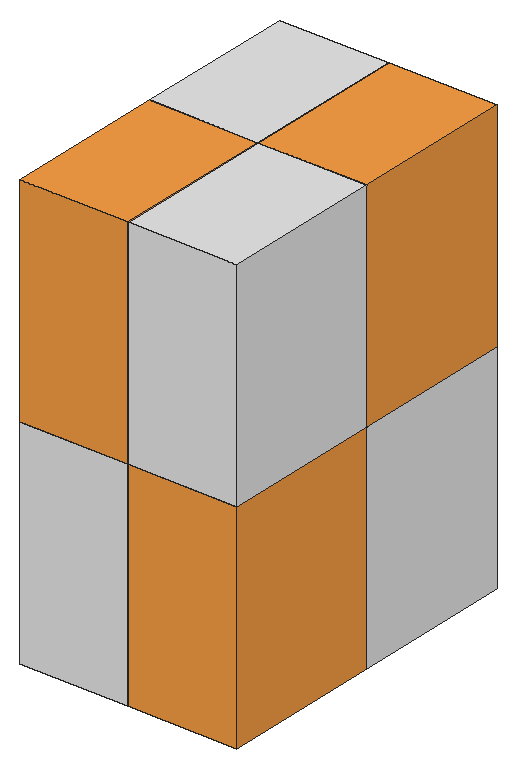
Revit family "DBU_GM_UN_Opening-SymbolicRectangular_gen_BERSnl", category Generic Models, Revit 2022
Family settings
  Can host rebar = No
  Round Connector Dimension = Use Diameter
  Part Type = Normal
  Work Plane-Based = No
  Always vertical = No
  Cut with Voids When Loaded = No
  Maintain Annotation Orientation = No
  Shared = No
  Room Calculation Point = No
Parameters (values of type "Wall")
  Wall = yes
  ViewCutPlane [instance] = 1500 mm
  Response [instance] = if(DBU_OpeningStatus = 0, "Request", if(DBU_OpeningStatus = 1, "Declined", if(DBU_OpeningStatus = 2, "Approved", if(DBU_OpeningStatus = 3, "Approved Drilling", if(DBU_OpeningStatus = 4, "On Hold", if(DBU_OpeningStatus = 5, "Executed", "Invalid"))))))  # "Request"
  Request [instance] = DBU_OpeningStatus = 0  # yes
  On Hold [instance] = DBU_OpeningStatus = 3  # no
  Not Drilling [instance] = yes
  Floor = not(Wall)  # no
  Execution Type [instance] = if(Not Drilling, "Not Drilling", "Drilling")  # "Not Drilling"
  Executed [instance] = DBU_OpeningStatus = 4  # no
  Drilling [instance] = not(Not Drilling)  # no
  Default Elevation = 0 mm
  Declined [instance] = DBU_OpeningStatus = 1  # no
  DBU_OpeningStatus [instance] = 0
  DBU_CTE_Zone [instance] = ""
  DBU_CTE_Z Value - Top [instance] = ""
  DBU_CTE_Z Value - Center [instance] = ""
  DBU_CTE_Z Coordinate Value [instance] = ""
  DBU_CTE_Opening Host Link [instance] = ""
  DBU_CTE_Opening Host Element [instance] = ""
  DBU_CTE_Opening Host Category [instance] = ""
  DBU_CTE_Level [instance] = ""
  DBU_CTE_ID [instance] = ""
  DBU_CTE_Discipline [instance] = ""
  DBU_CTE_Classificatie [instance] = ""
  DBU_CTE_BuildingPart [instance] = ""
  DBU_CLE_Width [instance] = 400 mm
  DBU_CLE_Height [instance] = 800 mm
  DBU_CLE_Depth [instance] = 600 mm
  Approved [instance] = DBU_OpeningStatus = 2  # no
Types (2, lengths in mm): name | Wall | Floor | DBU_CLE_Width | DBU_CLE_Height | DBU_CLE_Depth
  Floor | no | yes | 200 | 500 | 300
  Wall | yes | no | 400 | 800 | 600
Reference planes
  plane 1 "Center (Front/Back)": y = 0
  plane 2: z = 0
  plane 3 "Center (Left/Right)": x = 0
  plane 4: z = -400
  plane 5: z = -800
  plane 6: z = 1500
  plane 7: z = -2300
  plane 8: z = 1500
  plane 9: z = -2100
  plane 10: z = -600
Lines and regions (mm)
  model lines, style "InvisibleLines", visible <- "Wall"
    curve 1: line (0, 0, -2300) -> (0, 0, 1500)
  model lines, style "InvisibleLines", visible <- "Floor"
    curve 2: line (0, 0, -2100) -> (0, 0, 1500)
Dimensions and locks
  "DBU_CLE_Height": level to plane 5
  equal spacing: level, plane 4, plane 5
  "ViewCutPlane": plane 6 to level
  "ViewCutPlane": plane 5 to plane 7
  "ViewCutPlane": plane 8 to level
  "DBU_CLE_Depth": level to plane 10
  "ViewCutPlane": plane 10 to plane 9
  aligned and locked: level to plane 2
  aligned and locked: curve 1 to plane 1 "Center (Front/Back)"
  aligned and locked: nested 2 to plane 3 "Center (Left/Right)"
  aligned and locked: plane 3 "Center (Left/Right)" to nested 3
  aligned and locked: nested 3 to plane 1 "Center (Front/Back)"
  aligned and locked: plane 1 "Center (Front/Back)" to nested 7
  aligned and locked: plane 3 "Center (Left/Right)" to nested 7
  aligned and locked: nested 8 to plane 4
  aligned and locked: nested 8 to plane 3 "Center (Left/Right)"
  aligned and locked: plane 6 to curve 1
  aligned and locked: plane 7 to curve 1
  aligned and locked: plane 8 to curve 2
  aligned and locked: plane 9 to curve 2
  aligned and locked: curve 2 to plane 3 "Center (Left/Right)"
Automatic sketch dimensions
  curve 1 to plane 3 "Center (Left/Right)" = 0 mm
Nested families
  nested 1: "DBU_OpeningRectangular-Wall" at (0, 0, 0), Depth <- "DBU_CLE_Depth", Height <- "DBU_CLE_Height", Width <- "DBU_CLE_Width", visible <- "Wall", ConstructorStatus <- "DBU_OpeningStatus", type "Wall"
    with Width 400 mm, Request yes, RecessNeutral Color RGB 230-230-230, RecessDisplayMaterial none, OnHold no, Height 800 mm, Executed no, Depth 600 mm, Declined no, ConstructorStatus 0, Approved no
  nested 2: "DBU_OpeningRectangular-Floor" at (0, 0, 0), Depth <- "DBU_CLE_Depth", Height <- "DBU_CLE_Height", Width <- "DBU_CLE_Width", visible <- "Floor", ConstructorStatus <- "DBU_OpeningStatus", type "Floor"
    with Width 400 mm, Request yes, RecessNeutral Color RGB 230-230-230, RecessDisplayMaterial none, OnHold no, Height 800 mm, Executed no, Depth 600 mm, Declined no, ConstructorStatus 0, Approved no
  nested 3: "DBU_00_DI_WB_Opening Detail_gen_BERSnl" at (0, 0, 0) x (0, 1, 0) z (0, 0, 1), Length <- "DBU_CLE_Depth", Width <- "DBU_CLE_Width", visible <- "Wall", type "DBU_00_DI_WB_Opening Detail_gen_BERSnl"
    with Width 400 mm, Length 600 mm
  nested 4: "DBU_00_DI_WB_Opening Detail_gen_BERSnl" at (0, 0, -400) x (0, 1, 0) z (1, 0, 0), Length <- "DBU_CLE_Depth", Width <- "DBU_CLE_Height", visible <- "Wall", type "DBU_00_DI_WB_Opening Detail_gen_BERSnl"
    with Width 800 mm, Length 600 mm
  nested 5: "DBU_00_DI_WB_Opening Detail_gen_BERSnl" at (0, 0, -300) x (0, 1, 0) z (1, 0, 0), Length <- "DBU_CLE_Height", Width <- "DBU_CLE_Depth", visible <- "Floor", type "DBU_00_DI_WB_Opening Detail_gen_BERSnl"
    with Width 600 mm, Length 800 mm
  nested 6: "DBU_00_DI_WB_Opening Detail_gen_BERSnl" at (0, 0, -300) x (1, 0, 0) z (0, -1, 0), visible <- "Floor", Length <- "DBU_CLE_Width", Width <- "DBU_CLE_Depth", type "DBU_00_DI_WB_Opening Detail_gen_BERSnl"
    with Width 600 mm, Length 400 mm
  nested 7: "DBU_00_DI_WB_Opening Detail_gen_BERSnl" at (0, 0, 0), visible <- "Floor", Length <- "DBU_CLE_Width", Width <- "DBU_CLE_Height", type "DBU_00_DI_WB_Opening Detail_gen_BERSnl"
    with Width 800 mm, Length 400 mm
  nested 8: "DBU_00_DI_WB_Opening Detail_gen_BERSnl" at (0, 0, -400) x (1, 0, 0) z (0, -1, 0), Length <- "DBU_CLE_Width", Width <- "DBU_CLE_Height", visible <- "Wall", type "DBU_00_DI_WB_Opening Detail_gen_BERSnl"
    with Width 800 mm, Length 400 mm
Definition of nested family "DBU_OpeningRectangular-Wall"
  Parameters (values of type "Wall")
    Width [instance] = 1915.454 mm
    Request [instance] = not(or(Declined, Approved, OnHold, Executed))  # yes
    RecessNeutral [instance] = none
    RecessDisplayMaterial [instance] = none
    OnHold [instance] = ConstructorStatus = 3  # no
    Height [instance] = 304.8 mm
    Executed [instance] = ConstructorStatus = 4  # no
    Depth [instance] = 1954.727 mm
    Default Elevation = 1219.2 mm
    Declined [instance] = ConstructorStatus = 1  # no
    ConstructorStatus [instance] = 0
    Approved [instance] = ConstructorStatus = 2  # no
  Reference planes
    plane 1 "Center (Front/Back)": y = 0
    plane 2: z = 0
    plane 3 "Center (Left/Right)": x = 0
    plane 4: y = 977.363
    plane 5: x = 957.727
    plane 6: y = -977.363
    plane 7: x = -957.727
    plane 8: z = -304.8
    plane 9: z = -152.4
  Forms (mm)
    Extrusion 1, solid, material <- "RecessNeutral"
      sketch origin (0, 0, 0) x (1, 0, 0) y (0, 1, 0)
        loop
          line (-957.727, 0) -> (-957.727, -977.363) -> (0, -977.363) -> (0, 0) -> (-957.727, 0)
      from -304.8 to -152.4
    Extrusion 2, solid, visible <- "Request"
      sketch origin (0, 0, 0) x (1, 0, 0) y (0, 1, 0)
        loop
          line (0, 0) -> (0, -977.363) -> (957.727, -977.363) -> (957.727, 0) -> (0, 0)
      from -304.8 to -152.4
    Extrusion 3, solid, visible <- "Request"
      sketch origin (0, 0, 0) x (1, 0, 0) y (0, 1, 0)
        loop
          line (-957.727, 0) -> (-957.727, -977.363) -> (0, -977.363) -> (0, 0) -> (-957.727, 0)
      from -152.4 to 0
    Extrusion 4, solid, material <- "RecessNeutral"
      sketch origin (0, 0, 0) x (1, 0, 0) y (0, 1, 0)
        loop
          line (0, 0) -> (0, -977.363) -> (957.727, -977.363) -> (957.727, 0) -> (0, 0)
      from -152.4 to 0
    Extrusion 5, solid, visible <- "Request"
      sketch origin (0, 0, 0) x (1, 0, 0) y (0, 1, 0)
        loop
          line (-957.727, 977.363) -> (-957.727, 0) -> (0, 0) -> (0, 977.363) -> (-957.727, 977.363)
      from -304.8 to -152.4
    Extrusion 6, solid, material <- "RecessNeutral"
      sketch origin (0, 0, 0) x (1, 0, 0) y (0, 1, 0)
        loop
          line (0, 977.363) -> (0, 0) -> (957.727, 0) -> (957.727, 977.363) -> (0, 977.363)
      from -304.8 to -152.4
    Extrusion 7, solid, material <- "RecessNeutral"
      sketch origin (0, 0, 0) x (1, 0, 0) y (0, 1, 0)
        loop
          line (-957.727, 977.363) -> (-957.727, 0) -> (0, 0) -> (0, 977.363) -> (-957.727, 977.363)
      from -152.4 to 0
    Extrusion 8, solid, visible <- "Request"
      sketch origin (0, 0, 0) x (1, 0, 0) y (0, 1, 0)
        loop
          line (0, 977.363) -> (0, 0) -> (957.727, 0) -> (957.727, 977.363) -> (0, 977.363)
      from -152.4 to 0
    Extrusion 9, solid, visible <- "Declined"
      sketch origin (0, 0, 0) x (1, 0, 0) y (0, 1, 0)
        loop
          line (0, 0) -> (0, -977.363) -> (957.727, -977.363) -> (957.727, 0) -> (0, 0)
      from -304.8 to -152.4
    Extrusion 10, solid, visible <- "Declined"
      sketch origin (0, 0, 0) x (1, 0, 0) y (0, 1, 0)
        loop
          line (-957.727, 0) -> (-957.727, -977.363) -> (0, -977.363) -> (0, 0) -> (-957.727, 0)
      from -152.4 to 0
    Extrusion 11, solid, visible <- "Declined"
      sketch origin (0, 0, 0) x (1, 0, 0) y (0, 1, 0)
        loop
          line (-957.727, 977.363) -> (-957.727, 0) -> (0, 0) -> (0, 977.363) -> (-957.727, 977.363)
      from -304.8 to -152.4
    Extrusion 12, solid, visible <- "Declined"
      sketch origin (0, 0, 0) x (1, 0, 0) y (0, 1, 0)
        loop
          line (0, 977.363) -> (0, 0) -> (957.727, 0) -> (957.727, 977.363) -> (0, 977.363)
      from -152.4 to 0
    Extrusion 13, solid, visible <- "Approved"
      sketch origin (0, 0, 0) x (1, 0, 0) y (0, 1, 0)
        loop
          line (-957.727, 0) -> (-957.727, -977.363) -> (0, -977.363) -> (0, 0) -> (-957.727, 0)
      from -152.4 to 0
    Extrusion 14, solid, visible <- "Approved"
      sketch origin (0, 0, 0) x (1, 0, 0) y (0, 1, 0)
        loop
          line (0, 977.363) -> (0, 0) -> (957.727, 0) -> (957.727, 977.363) -> (0, 977.363)
      from -152.4 to 0
    Extrusion 15, solid, visible <- "Approved"
      sketch origin (0, 0, 0) x (1, 0, 0) y (0, 1, 0)
        loop
          line (0, 0) -> (0, -977.363) -> (957.727, -977.363) -> (957.727, 0) -> (0, 0)
      from -304.8 to -152.4
    Extrusion 16, solid, visible <- "Approved"
      sketch origin (0, 0, 0) x (1, 0, 0) y (0, 1, 0)
        loop
          line (-957.727, 977.363) -> (-957.727, 0) -> (0, 0) -> (0, 977.363) -> (-957.727, 977.363)
      from -304.8 to -152.4
    Extrusion 17, solid, visible <- "OnHold"
      sketch origin (0, 0, 0) x (1, 0, 0) y (0, 1, 0)
        loop
          line (-957.727, 0) -> (-957.727, -977.363) -> (0, -977.363) -> (0, 0) -> (-957.727, 0)
      from -152.4 to 0
    Extrusion 18, solid, visible <- "OnHold"
      sketch origin (0, 0, 0) x (1, 0, 0) y (0, 1, 0)
        loop
          line (0, 977.363) -> (0, 0) -> (957.727, 0) -> (957.727, 977.363) -> (0, 977.363)
      from -152.4 to 0
    Extrusion 19, solid, visible <- "OnHold"
      sketch origin (0, 0, 0) x (1, 0, 0) y (0, 1, 0)
        loop
          line (0, 0) -> (0, -977.363) -> (957.727, -977.363) -> (957.727, 0) -> (0, 0)
      from -304.8 to -152.4
    Extrusion 20, solid, visible <- "OnHold"
      sketch origin (0, 0, 0) x (1, 0, 0) y (0, 1, 0)
        loop
          line (-957.727, 977.363) -> (-957.727, 0) -> (0, 0) -> (0, 977.363) -> (-957.727, 977.363)
      from -304.8 to -152.4
    Extrusion 21, solid, visible <- "Executed"
      sketch origin (0, 0, 0) x (1, 0, 0) y (0, 1, 0)
        loop
          line (-957.727, 0) -> (-957.727, -977.363) -> (0, -977.363) -> (0, 0) -> (-957.727, 0)
      from -152.4 to 0
    Extrusion 22, solid, visible <- "Executed"
      sketch origin (0, 0, 0) x (1, 0, 0) y (0, 1, 0)
        loop
          line (0, 977.363) -> (0, 0) -> (957.727, 0) -> (957.727, 977.363) -> (0, 977.363)
      from -152.4 to 0
    Extrusion 23, solid, visible <- "Executed"
      sketch origin (0, 0, 0) x (1, 0, 0) y (0, 1, 0)
        loop
          line (0, 0) -> (0, -977.363) -> (957.727, -977.363) -> (957.727, 0) -> (0, 0)
      from -304.8 to -152.4
    Extrusion 24, solid, visible <- "Executed"
      sketch origin (0, 0, 0) x (1, 0, 0) y (0, 1, 0)
        loop
          line (-957.727, 977.363) -> (-957.727, 0) -> (0, 0) -> (0, 977.363) -> (-957.727, 977.363)
      from -304.8 to -152.4
  Dimensions and locks
    equal spacing: plane 7, plane 3 "Center (Left/Right)", plane 5
    "Width": plane 7 to plane 5
    equal spacing: plane 4, plane 1 "Center (Front/Back)", plane 6
    "Depth": plane 6 to plane 4
    "Height": level to plane 8
    equal spacing: level, plane 9, plane 8
    aligned and locked: level to plane 2
    aligned and locked: Extrusion 1 sketch curve to plane 7
    aligned and locked: Extrusion 1 sketch curve to plane 3 "Center (Left/Right)"
    aligned and locked: Extrusion 1 sketch curve to plane 6
    aligned and locked: Extrusion 1 to plane 8
    aligned and locked: plane 9 to Extrusion 1
    aligned and locked: plane 3 "Center (Left/Right)" to Extrusion 2 sketch curve
    aligned and locked: Extrusion 2 sketch curve to plane 6
    aligned and locked: Extrusion 2 sketch curve to plane 5
    aligned and locked: Extrusion 2 to plane 8
    aligned and locked: plane 9 to Extrusion 2
    aligned and locked: Extrusion 3 sketch curve to plane 7
    aligned and locked: Extrusion 3 sketch curve to plane 6
    aligned and locked: Extrusion 3 sketch curve to plane 3 "Center (Left/Right)"
    aligned and locked: Extrusion 3 to plane 9
    aligned and locked: level to Extrusion 3
    aligned and locked: plane 3 "Center (Left/Right)" to Extrusion 4 sketch curve
    aligned and locked: Extrusion 4 sketch curve to plane 6
    aligned and locked: Extrusion 4 sketch curve to plane 5
    aligned and locked: Extrusion 4 to plane 9
    aligned and locked: level to Extrusion 4
    aligned and locked: plane 1 "Center (Front/Back)" to Extrusion 3 sketch curve
    aligned and locked: plane 1 "Center (Front/Back)" to Extrusion 4 sketch curve
    aligned and locked: plane 1 "Center (Front/Back)" to Extrusion 2 sketch curve
    aligned and locked: plane 1 "Center (Front/Back)" to Extrusion 1 sketch curve
    aligned and locked: Extrusion 5 sketch curve to plane 4
    aligned and locked: Extrusion 5 sketch curve to plane 7
    aligned and locked: Extrusion 5 sketch curve to plane 1 "Center (Front/Back)"
    aligned and locked: Extrusion 5 sketch curve to plane 3 "Center (Left/Right)"
    aligned and locked: plane 3 "Center (Left/Right)" to Extrusion 6 sketch curve
    aligned and locked: Extrusion 6 sketch curve to plane 4
    aligned and locked: Extrusion 6 sketch curve to plane 5
    aligned and locked: Extrusion 6 sketch curve to plane 1 "Center (Front/Back)"
    aligned and locked: Extrusion 6 to plane 8
    aligned and locked: plane 9 to Extrusion 6
    aligned and locked: Extrusion 5 to plane 8
    aligned and locked: plane 9 to Extrusion 5
    aligned and locked: Extrusion 7 sketch curve to plane 7
    aligned and locked: Extrusion 7 sketch curve to plane 4
    aligned and locked: Extrusion 7 sketch curve to plane 3 "Center (Left/Right)"
    aligned and locked: Extrusion 7 sketch curve to plane 1 "Center (Front/Back)"
    aligned and locked: plane 3 "Center (Left/Right)" to Extrusion 8 sketch curve
    aligned and locked: Extrusion 8 sketch curve to plane 4
    aligned and locked: Extrusion 8 sketch curve to plane 5
    aligned and locked: Extrusion 8 sketch curve to plane 1 "Center (Front/Back)"
    aligned and locked: Extrusion 8 to plane 9
    aligned and locked: level to Extrusion 8
    aligned and locked: Extrusion 7 to plane 9
    aligned and locked: level to Extrusion 7
    aligned and locked: Extrusion 9 sketch curve to plane 5
    aligned and locked: plane 1 "Center (Front/Back)" to Extrusion 9 sketch curve
    aligned and locked: plane 3 "Center (Left/Right)" to Extrusion 9 sketch curve
    aligned and locked: Extrusion 9 sketch curve to plane 6
    aligned and locked: Extrusion 10 sketch curve to plane 7
    aligned and locked: plane 1 "Center (Front/Back)" to Extrusion 10 sketch curve
    aligned and locked: Extrusion 10 sketch curve to plane 3 "Center (Left/Right)"
    aligned and locked: Extrusion 10 sketch curve to plane 6
    aligned and locked: plane 3 "Center (Left/Right)" to Extrusion 12 sketch curve
    aligned and locked: Extrusion 12 sketch curve to plane 1 "Center (Front/Back)"
    aligned and locked: Extrusion 12 sketch curve to plane 5
    aligned and locked: Extrusion 12 sketch curve to plane 4
    aligned and locked: Extrusion 11 sketch curve to plane 7
    aligned and locked: Extrusion 11 sketch curve to plane 4
    aligned and locked: Extrusion 11 sketch curve to plane 3 "Center (Left/Right)"
    aligned and locked: Extrusion 11 sketch curve to plane 1 "Center (Front/Back)"
    aligned and locked: Extrusion 10 to plane 9
    aligned and locked: level to Extrusion 10
    aligned and locked: Extrusion 12 to plane 9
    aligned and locked: plane 8 to Extrusion 2
    aligned and locked: plane 2 to Extrusion 12
    aligned and locked: Extrusion 9 to plane 8
    aligned and locked: plane 9 to Extrusion 11
    aligned and locked: Extrusion 11 to plane 8
    aligned and locked: Extrusion 11 to plane 9  (x3)
    aligned and locked: Extrusion 10 to level  (x2)
    aligned and locked: plane 9 to Extrusion 9
    aligned and locked: plane 9 to Extrusion 10
    aligned and locked: plane 8 to Extrusion 11  (x2)
    aligned and locked: level to Extrusion 12
    aligned and locked: plane 9 to Extrusion 12
    aligned and locked: Extrusion 14 sketch curve to plane 1 "Center (Front/Back)"
    aligned and locked: plane 3 "Center (Left/Right)" to Extrusion 14 sketch curve
    aligned and locked: Extrusion 14 sketch curve to plane 4
    aligned and locked: Extrusion 14 sketch curve to plane 5
    aligned and locked: Extrusion 13 sketch curve to plane 7
    aligned and locked: Extrusion 13 sketch curve to plane 6
    aligned and locked: Extrusion 13 sketch curve to plane 3 "Center (Left/Right)"
    aligned and locked: plane 1 "Center (Front/Back)" to Extrusion 13 sketch curve
    aligned and locked: Extrusion 13 to plane 9
    aligned and locked: level to Extrusion 13
    aligned and locked: plane 9 to Extrusion 16
    aligned and locked: Extrusion 16 to plane 8
    aligned and locked: plane 9 to Extrusion 15
    aligned and locked: Extrusion 15 to plane 8
    aligned and locked: plane 3 "Center (Left/Right)" to Extrusion 15 sketch curve
    aligned and locked: plane 1 "Center (Front/Back)" to Extrusion 15 sketch curve
    aligned and locked: Extrusion 15 sketch curve to plane 5
    aligned and locked: Extrusion 15 sketch curve to plane 6
    aligned and locked: Extrusion 16 sketch curve to plane 7
    aligned and locked: Extrusion 16 sketch curve to plane 4
    aligned and locked: Extrusion 16 sketch curve to plane 3 "Center (Left/Right)"
    aligned and locked: Extrusion 16 sketch curve to plane 1 "Center (Front/Back)"
    aligned and locked: Extrusion 14 to plane 9
    aligned and locked: level to Extrusion 14
    aligned and locked: Extrusion 20 sketch curve to plane 7
    aligned and locked: Extrusion 20 sketch curve to plane 4
    aligned and locked: Extrusion 20 sketch curve to plane 3 "Center (Left/Right)"
    aligned and locked: Extrusion 20 sketch curve to plane 1 "Center (Front/Back)"
    aligned and locked: Extrusion 20 to plane 8
    aligned and locked: plane 9 to Extrusion 20
    aligned and locked: Extrusion 17 sketch curve to plane 7
    aligned and locked: plane 1 "Center (Front/Back)" to Extrusion 17 sketch curve
    aligned and locked: Extrusion 17 sketch curve to plane 3 "Center (Left/Right)"
    aligned and locked: Extrusion 17 sketch curve to plane 6
    aligned and locked: Extrusion 17 to plane 9
    aligned and locked: level to Extrusion 17
    aligned and locked: plane 3 "Center (Left/Right)" to Extrusion 19 sketch curve
    aligned and locked: plane 1 "Center (Front/Back)" to Extrusion 19 sketch curve
    aligned and locked: Extrusion 19 sketch curve to plane 5
    aligned and locked: Extrusion 19 sketch curve to plane 6
    aligned and locked: Extrusion 19 to plane 8
    aligned and locked: plane 9 to Extrusion 19
    aligned and locked: plane 3 "Center (Left/Right)" to Extrusion 18 sketch curve
    aligned and locked: Extrusion 18 sketch curve to plane 4
    aligned and locked: Extrusion 18 sketch curve to plane 5
    aligned and locked: Extrusion 18 sketch curve to plane 1 "Center (Front/Back)"
    aligned and locked: Extrusion 18 to plane 9
    aligned and locked: level to Extrusion 18
    aligned and locked: Extrusion 21 sketch curve to plane 7
    aligned and locked: Extrusion 21 sketch curve to plane 6
    aligned and locked: plane 1 "Center (Front/Back)" to Extrusion 21 sketch curve
    aligned and locked: Extrusion 21 sketch curve to plane 3 "Center (Left/Right)"
    aligned and locked: Extrusion 21 to plane 9
    aligned and locked: level to Extrusion 21
    aligned and locked: plane 3 "Center (Left/Right)" to Extrusion 23 sketch curve
    aligned and locked: Extrusion 23 sketch curve to plane 5
    aligned and locked: Extrusion 23 sketch curve to plane 6
    aligned and locked: plane 1 "Center (Front/Back)" to Extrusion 23 sketch curve
    aligned and locked: plane 9 to Extrusion 23
    aligned and locked: Extrusion 23 to plane 8
    aligned and locked: plane 3 "Center (Left/Right)" to Extrusion 22 sketch curve
    aligned and locked: Extrusion 22 sketch curve to plane 1 "Center (Front/Back)"
    aligned and locked: Extrusion 22 sketch curve to plane 5
    aligned and locked: Extrusion 22 sketch curve to plane 4
    aligned and locked: Extrusion 22 to plane 9
    aligned and locked: level to Extrusion 22
    aligned and locked: Extrusion 24 sketch curve to plane 7
    aligned and locked: Extrusion 24 sketch curve to plane 4
    aligned and locked: Extrusion 24 sketch curve to plane 3 "Center (Left/Right)"
    aligned and locked: Extrusion 24 sketch curve to plane 1 "Center (Front/Back)"
    aligned and locked: plane 9 to Extrusion 24
    aligned and locked: Extrusion 24 to plane 8
Definition of nested family "DBU_OpeningRectangular-Floor"
  Parameters (values of type "Floor")
    Width [instance] = 1915.454 mm
    Request [instance] = not(or(Declined, Approved, OnHold, Executed))  # yes
    RecessNeutral [instance] = none
    RecessDisplayMaterial [instance] = none
    OnHold [instance] = ConstructorStatus = 3  # no
    Height [instance] = 304.8 mm
    Executed [instance] = ConstructorStatus = 4  # no
    Depth [instance] = 1954.727 mm
    Default Elevation = 1219.2 mm
    Declined [instance] = ConstructorStatus = 1  # no
    ConstructorStatus [instance] = 0
    Approved [instance] = ConstructorStatus = 2  # no
  Reference planes
    plane 1 "Center (Front/Back)": y = 0
    plane 2: z = 0
    plane 3 "Center (Left/Right)": x = 0
    plane 4: y = 152.4
    plane 5: x = 957.727
    plane 6: y = -152.4
    plane 7: x = -957.727
    plane 8: z = -1954.727
    plane 9: z = -977.363
  Forms (mm)
    Extrusion 1, solid, material <- "RecessNeutral"
      sketch origin (0, 0, 0) x (1, 0, 0) y (0, 1, 0)
        loop
          line (-957.727, 0) -> (-957.727, -152.4) -> (0, -152.4) -> (0, 0) -> (-957.727, 0)
      from -1954.727 to -977.363
    Extrusion 2, solid, visible <- "Request"
      sketch origin (0, 0, 0) x (1, 0, 0) y (0, 1, 0)
        loop
          line (0, 0) -> (0, -152.4) -> (957.727, -152.4) -> (957.727, 0) -> (0, 0)
      from -1954.727 to -977.363
    Extrusion 3, solid, visible <- "Request"
      sketch origin (0, 0, 0) x (1, 0, 0) y (0, 1, 0)
        loop
          line (-957.727, 0) -> (-957.727, -152.4) -> (0, -152.4) -> (0, 0) -> (-957.727, 0)
      from -977.363 to 0
    Extrusion 4, solid, material <- "RecessNeutral"
      sketch origin (0, 0, 0) x (1, 0, 0) y (0, 1, 0)
        loop
          line (0, 0) -> (0, -152.4) -> (957.727, -152.4) -> (957.727, 0) -> (0, 0)
      from -977.363 to 0
    Extrusion 5, solid, visible <- "Request"
      sketch origin (0, 0, 0) x (1, 0, 0) y (0, 1, 0)
        loop
          line (-957.727, 152.4) -> (-957.727, 0) -> (0, 0) -> (0, 152.4) -> (-957.727, 152.4)
      from -1954.727 to -977.363
    Extrusion 6, solid, material <- "RecessNeutral"
      sketch origin (0, 0, 0) x (1, 0, 0) y (0, 1, 0)
        loop
          line (0, 152.4) -> (0, 0) -> (957.727, 0) -> (957.727, 152.4) -> (0, 152.4)
      from -1954.727 to -977.363
    Extrusion 7, solid, material <- "RecessNeutral"
      sketch origin (0, 0, 0) x (1, 0, 0) y (0, 1, 0)
        loop
          line (-957.727, 152.4) -> (-957.727, 0) -> (0, 0) -> (0, 152.4) -> (-957.727, 152.4)
      from -977.363 to 0
    Extrusion 8, solid, visible <- "Request"
      sketch origin (0, 0, 0) x (1, 0, 0) y (0, 1, 0)
        loop
          line (0, 152.4) -> (0, 0) -> (957.727, 0) -> (957.727, 152.4) -> (0, 152.4)
      from -977.363 to 0
    Extrusion 9, solid, visible <- "Declined"
      sketch origin (0, 0, 0) x (1, 0, 0) y (0, 1, 0)
        loop
          line (0, 0) -> (0, -152.4) -> (957.727, -152.4) -> (957.727, 0) -> (0, 0)
      from -1954.727 to -977.363
    Extrusion 10, solid, visible <- "Declined"
      sketch origin (0, 0, 0) x (1, 0, 0) y (0, 1, 0)
        loop
          line (-957.727, 0) -> (-957.727, -152.4) -> (0, -152.4) -> (0, 0) -> (-957.727, 0)
      from -977.363 to 0
    Extrusion 11, solid, visible <- "Declined"
      sketch origin (0, 0, 0) x (1, 0, 0) y (0, 1, 0)
        loop
          line (-957.727, 152.4) -> (-957.727, 0) -> (0, 0) -> (0, 152.4) -> (-957.727, 152.4)
      from -1954.727 to -977.363
    Extrusion 12, solid, visible <- "Declined"
      sketch origin (0, 0, 0) x (1, 0, 0) y (0, 1, 0)
        loop
          line (0, 152.4) -> (0, 0) -> (957.727, 0) -> (957.727, 152.4) -> (0, 152.4)
      from -977.363 to 0
    Extrusion 13, solid, visible <- "Approved"
      sketch origin (0, 0, 0) x (1, 0, 0) y (0, 1, 0)
        loop
          line (-957.727, 0) -> (-957.727, -152.4) -> (0, -152.4) -> (0, 0) -> (-957.727, 0)
      from -977.363 to 0
    Extrusion 14, solid, visible <- "Approved"
      sketch origin (0, 0, 0) x (1, 0, 0) y (0, 1, 0)
        loop
          line (0, 152.4) -> (0, 0) -> (957.727, 0) -> (957.727, 152.4) -> (0, 152.4)
      from -977.363 to 0
    Extrusion 15, solid, visible <- "Approved"
      sketch origin (0, 0, 0) x (1, 0, 0) y (0, 1, 0)
        loop
          line (0, 0) -> (0, -152.4) -> (957.727, -152.4) -> (957.727, 0) -> (0, 0)
      from -1954.727 to -977.363
    Extrusion 16, solid, visible <- "Approved"
      sketch origin (0, 0, 0) x (1, 0, 0) y (0, 1, 0)
        loop
          line (-957.727, 152.4) -> (-957.727, 0) -> (0, 0) -> (0, 152.4) -> (-957.727, 152.4)
      from -1954.727 to -977.363
    Extrusion 17, solid, visible <- "OnHold"
      sketch origin (0, 0, 0) x (1, 0, 0) y (0, 1, 0)
        loop
          line (-957.727, 0) -> (-957.727, -152.4) -> (0, -152.4) -> (0, 0) -> (-957.727, 0)
      from -977.363 to 0
    Extrusion 18, solid, visible <- "OnHold"
      sketch origin (0, 0, 0) x (1, 0, 0) y (0, 1, 0)
        loop
          line (0, 152.4) -> (0, 0) -> (957.727, 0) -> (957.727, 152.4) -> (0, 152.4)
      from -977.363 to 0
    Extrusion 19, solid, visible <- "OnHold"
      sketch origin (0, 0, 0) x (1, 0, 0) y (0, 1, 0)
        loop
          line (0, 0) -> (0, -152.4) -> (957.727, -152.4) -> (957.727, 0) -> (0, 0)
      from -1954.727 to -977.363
    Extrusion 20, solid, visible <- "OnHold"
      sketch origin (0, 0, 0) x (1, 0, 0) y (0, 1, 0)
        loop
          line (-957.727, 152.4) -> (-957.727, 0) -> (0, 0) -> (0, 152.4) -> (-957.727, 152.4)
      from -1954.727 to -977.363
    Extrusion 21, solid, visible <- "Executed"
      sketch origin (0, 0, 0) x (1, 0, 0) y (0, 1, 0)
        loop
          line (-957.727, 0) -> (-957.727, -152.4) -> (0, -152.4) -> (0, 0) -> (-957.727, 0)
      from -977.363 to 0
    Extrusion 22, solid, visible <- "Executed"
      sketch origin (0, 0, 0) x (1, 0, 0) y (0, 1, 0)
        loop
          line (0, 152.4) -> (0, 0) -> (957.727, 0) -> (957.727, 152.4) -> (0, 152.4)
      from -977.363 to 0
    Extrusion 23, solid, visible <- "Executed"
      sketch origin (0, 0, 0) x (1, 0, 0) y (0, 1, 0)
        loop
          line (0, 0) -> (0, -152.4) -> (957.727, -152.4) -> (957.727, 0) -> (0, 0)
      from -1954.727 to -977.363
    Extrusion 24, solid, visible <- "Executed"
      sketch origin (0, 0, 0) x (1, 0, 0) y (0, 1, 0)
        loop
          line (-957.727, 152.4) -> (-957.727, 0) -> (0, 0) -> (0, 152.4) -> (-957.727, 152.4)
      from -1954.727 to -977.363
  Dimensions and locks
    equal spacing: plane 7, plane 3 "Center (Left/Right)", plane 5
    "Width": plane 7 to plane 5
    equal spacing: plane 4, plane 1 "Center (Front/Back)", plane 6
    "Height": plane 6 to plane 4
    "Depth": level to plane 8
    equal spacing: level, plane 9, plane 8
    aligned and locked: level to plane 2
    aligned and locked: Extrusion 1 sketch curve to plane 7
    aligned and locked: Extrusion 1 sketch curve to plane 3 "Center (Left/Right)"
    aligned and locked: Extrusion 1 sketch curve to plane 6
    aligned and locked: Extrusion 1 to plane 8
    aligned and locked: plane 9 to Extrusion 1
    aligned and locked: plane 3 "Center (Left/Right)" to Extrusion 2 sketch curve
    aligned and locked: Extrusion 2 sketch curve to plane 6
    aligned and locked: Extrusion 2 sketch curve to plane 5
    aligned and locked: Extrusion 2 to plane 8
    aligned and locked: plane 9 to Extrusion 2
    aligned and locked: Extrusion 3 sketch curve to plane 7
    aligned and locked: Extrusion 3 sketch curve to plane 6
    aligned and locked: Extrusion 3 sketch curve to plane 3 "Center (Left/Right)"
    aligned and locked: Extrusion 3 to plane 9
    aligned and locked: level to Extrusion 3
    aligned and locked: plane 3 "Center (Left/Right)" to Extrusion 4 sketch curve
    aligned and locked: Extrusion 4 sketch curve to plane 6
    aligned and locked: Extrusion 4 sketch curve to plane 5
    aligned and locked: Extrusion 4 to plane 9
    aligned and locked: level to Extrusion 4
    aligned and locked: plane 1 "Center (Front/Back)" to Extrusion 3 sketch curve
    aligned and locked: plane 1 "Center (Front/Back)" to Extrusion 4 sketch curve
    aligned and locked: plane 1 "Center (Front/Back)" to Extrusion 2 sketch curve
    aligned and locked: plane 1 "Center (Front/Back)" to Extrusion 1 sketch curve
    aligned and locked: Extrusion 5 sketch curve to plane 4
    aligned and locked: Extrusion 5 sketch curve to plane 7
    aligned and locked: Extrusion 5 sketch curve to plane 1 "Center (Front/Back)"
    aligned and locked: Extrusion 5 sketch curve to plane 3 "Center (Left/Right)"
    aligned and locked: plane 3 "Center (Left/Right)" to Extrusion 6 sketch curve
    aligned and locked: Extrusion 6 sketch curve to plane 4
    aligned and locked: Extrusion 6 sketch curve to plane 5
    aligned and locked: Extrusion 6 sketch curve to plane 1 "Center (Front/Back)"
    aligned and locked: Extrusion 6 to plane 8
    aligned and locked: plane 9 to Extrusion 6
    aligned and locked: Extrusion 5 to plane 8
    aligned and locked: plane 9 to Extrusion 5
    aligned and locked: Extrusion 7 sketch curve to plane 7
    aligned and locked: Extrusion 7 sketch curve to plane 4
    aligned and locked: Extrusion 7 sketch curve to plane 3 "Center (Left/Right)"
    aligned and locked: Extrusion 7 sketch curve to plane 1 "Center (Front/Back)"
    aligned and locked: plane 3 "Center (Left/Right)" to Extrusion 8 sketch curve
    aligned and locked: Extrusion 8 sketch curve to plane 4
    aligned and locked: Extrusion 8 sketch curve to plane 5
    aligned and locked: Extrusion 8 sketch curve to plane 1 "Center (Front/Back)"
    aligned and locked: Extrusion 8 to plane 9
    aligned and locked: level to Extrusion 8
    aligned and locked: Extrusion 7 to plane 9
    aligned and locked: level to Extrusion 7
    aligned and locked: Extrusion 9 sketch curve to plane 5
    aligned and locked: plane 1 "Center (Front/Back)" to Extrusion 9 sketch curve
    aligned and locked: plane 3 "Center (Left/Right)" to Extrusion 9 sketch curve
    aligned and locked: Extrusion 9 sketch curve to plane 6
    aligned and locked: Extrusion 10 sketch curve to plane 7
    aligned and locked: plane 1 "Center (Front/Back)" to Extrusion 10 sketch curve
    aligned and locked: Extrusion 10 sketch curve to plane 3 "Center (Left/Right)"
    aligned and locked: Extrusion 10 sketch curve to plane 6
    aligned and locked: plane 3 "Center (Left/Right)" to Extrusion 12 sketch curve
    aligned and locked: Extrusion 12 sketch curve to plane 1 "Center (Front/Back)"
    aligned and locked: Extrusion 12 sketch curve to plane 5
    aligned and locked: Extrusion 12 sketch curve to plane 4
    aligned and locked: Extrusion 11 sketch curve to plane 7
    aligned and locked: Extrusion 11 sketch curve to plane 4
    aligned and locked: Extrusion 11 sketch curve to plane 3 "Center (Left/Right)"
    aligned and locked: Extrusion 11 sketch curve to plane 1 "Center (Front/Back)"
    aligned and locked: Extrusion 10 to plane 9
    aligned and locked: level to Extrusion 10
    aligned and locked: Extrusion 12 to plane 9
    aligned and locked: plane 8 to Extrusion 2
    aligned and locked: plane 2 to Extrusion 12
    aligned and locked: Extrusion 9 to plane 8
    aligned and locked: plane 9 to Extrusion 11
    aligned and locked: Extrusion 11 to plane 8
    aligned and locked: Extrusion 11 to plane 9  (x3)
    aligned and locked: Extrusion 10 to level  (x2)
    aligned and locked: plane 9 to Extrusion 9
    aligned and locked: plane 9 to Extrusion 10
    aligned and locked: plane 8 to Extrusion 11  (x2)
    aligned and locked: level to Extrusion 12
    aligned and locked: plane 9 to Extrusion 12
    aligned and locked: Extrusion 14 sketch curve to plane 1 "Center (Front/Back)"
    aligned and locked: plane 3 "Center (Left/Right)" to Extrusion 14 sketch curve
    aligned and locked: Extrusion 14 sketch curve to plane 4
    aligned and locked: Extrusion 14 sketch curve to plane 5
    aligned and locked: Extrusion 13 sketch curve to plane 7
    aligned and locked: Extrusion 13 sketch curve to plane 6
    aligned and locked: Extrusion 13 sketch curve to plane 3 "Center (Left/Right)"
    aligned and locked: plane 1 "Center (Front/Back)" to Extrusion 13 sketch curve
    aligned and locked: Extrusion 13 to plane 9
    aligned and locked: level to Extrusion 13
    aligned and locked: plane 9 to Extrusion 16
    aligned and locked: Extrusion 16 to plane 8
    aligned and locked: plane 9 to Extrusion 15
    aligned and locked: Extrusion 15 to plane 8
    aligned and locked: plane 3 "Center (Left/Right)" to Extrusion 15 sketch curve
    aligned and locked: plane 1 "Center (Front/Back)" to Extrusion 15 sketch curve
    aligned and locked: Extrusion 15 sketch curve to plane 5
    aligned and locked: Extrusion 15 sketch curve to plane 6
    aligned and locked: Extrusion 16 sketch curve to plane 7
    aligned and locked: Extrusion 16 sketch curve to plane 4
    aligned and locked: Extrusion 16 sketch curve to plane 3 "Center (Left/Right)"
    aligned and locked: Extrusion 16 sketch curve to plane 1 "Center (Front/Back)"
    aligned and locked: Extrusion 14 to plane 9
    aligned and locked: level to Extrusion 14
    aligned and locked: Extrusion 20 sketch curve to plane 7
    aligned and locked: Extrusion 20 sketch curve to plane 4
    aligned and locked: Extrusion 20 sketch curve to plane 3 "Center (Left/Right)"
    aligned and locked: Extrusion 20 sketch curve to plane 1 "Center (Front/Back)"
    aligned and locked: Extrusion 20 to plane 8
    aligned and locked: plane 9 to Extrusion 20
    aligned and locked: Extrusion 17 sketch curve to plane 7
    aligned and locked: plane 1 "Center (Front/Back)" to Extrusion 17 sketch curve
    aligned and locked: Extrusion 17 sketch curve to plane 3 "Center (Left/Right)"
    aligned and locked: Extrusion 17 sketch curve to plane 6
    aligned and locked: Extrusion 17 to plane 9
    aligned and locked: level to Extrusion 17
    aligned and locked: plane 3 "Center (Left/Right)" to Extrusion 19 sketch curve
    aligned and locked: plane 1 "Center (Front/Back)" to Extrusion 19 sketch curve
    aligned and locked: Extrusion 19 sketch curve to plane 5
    aligned and locked: Extrusion 19 sketch curve to plane 6
    aligned and locked: Extrusion 19 to plane 8
    aligned and locked: plane 9 to Extrusion 19
    aligned and locked: plane 3 "Center (Left/Right)" to Extrusion 18 sketch curve
    aligned and locked: Extrusion 18 sketch curve to plane 4
    aligned and locked: Extrusion 18 sketch curve to plane 5
    aligned and locked: Extrusion 18 sketch curve to plane 1 "Center (Front/Back)"
    aligned and locked: Extrusion 18 to plane 9
    aligned and locked: level to Extrusion 18
    aligned and locked: Extrusion 21 sketch curve to plane 7
    aligned and locked: Extrusion 21 sketch curve to plane 6
    aligned and locked: plane 1 "Center (Front/Back)" to Extrusion 21 sketch curve
    aligned and locked: Extrusion 21 sketch curve to plane 3 "Center (Left/Right)"
    aligned and locked: Extrusion 21 to plane 9
    aligned and locked: level to Extrusion 21
    aligned and locked: plane 3 "Center (Left/Right)" to Extrusion 23 sketch curve
    aligned and locked: Extrusion 23 sketch curve to plane 5
    aligned and locked: Extrusion 23 sketch curve to plane 6
    aligned and locked: plane 1 "Center (Front/Back)" to Extrusion 23 sketch curve
    aligned and locked: plane 9 to Extrusion 23
    aligned and locked: Extrusion 23 to plane 8
    aligned and locked: plane 3 "Center (Left/Right)" to Extrusion 22 sketch curve
    aligned and locked: Extrusion 22 sketch curve to plane 1 "Center (Front/Back)"
    aligned and locked: Extrusion 22 sketch curve to plane 5
    aligned and locked: Extrusion 22 sketch curve to plane 4
    aligned and locked: Extrusion 22 to plane 9
    aligned and locked: level to Extrusion 22
    aligned and locked: Extrusion 24 sketch curve to plane 7
    aligned and locked: Extrusion 24 sketch curve to plane 4
    aligned and locked: Extrusion 24 sketch curve to plane 3 "Center (Left/Right)"
    aligned and locked: Extrusion 24 sketch curve to plane 1 "Center (Front/Back)"
    aligned and locked: plane 9 to Extrusion 24
    aligned and locked: Extrusion 24 to plane 8
Definition of nested family "DBU_00_DI_WB_Opening Detail_gen_BERSnl"
  Parameters (values of type "DBU_00_DI_WB_Opening Detail_gen_BERSnl")
    Width [instance] = 500 mm
    Length [instance] = 1200 mm
  Reference planes
    plane 1 "Center (Front/Back)": y = 0
    plane 2: z = 0
    plane 3 "Center (Left/Right)": x = 0
    plane 4: x = -600
    plane 5: y = 250
    plane 6: x = 600
    plane 7: y = -250
  Lines and regions (mm)
    detail lines, in view "Ref. Level"
      curve 1: line (-600, -250, 0) -> (-600, 250, 0)
      curve 2: line (-600, 250, 0) -> (600, 250, 0)
      curve 3: line (600, 250, 0) -> (600, -250, 0)
      curve 4: line (600, -250, 0) -> (-600, -250, 0)
      curve 5: line (-600, -250, 0) -> (600, 250, 0)
      curve 6: line (-600, 250, 0) -> (600, -250, 0)
  Dimensions and locks
    equal spacing: plane 5, plane 1 "Center (Front/Back)", plane 7
    "Width": plane 5 to plane 7
    equal spacing: plane 4, plane 3 "Center (Left/Right)", plane 6
    "Length": plane 4 to plane 6
    aligned and locked: curve 1 to plane 4
    aligned and locked: curve 2 to plane 5
    aligned and locked: curve 3 to plane 6
    aligned and locked: plane 7 to curve 4
